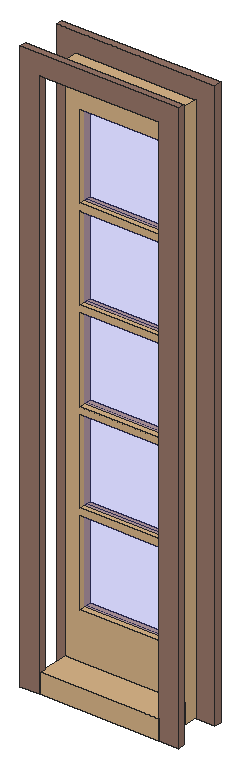
Revit family
Parameters (values of type "0457 x 2134mm")
  Door Material = Door - Panel
  Frame Material = Door - Frame
  Height = 2134.00 mm
  Muntin = 25.00 mm
  Rail Width - Base = 254.00 mm
  Rail Width - Top = 127.00 mm
  Stile Width = 51.00 mm
  Trim Projection Ext = 25.00 mm
  Trim Projection Int = 25.00 mm
  Trim Width = 76.00 mm
  Wall Closure = (empty or 0)
  Width = 457.00 mm
Types (6, lengths in mm): name | Height | Width
  0305 x 2032mm | 2032.00 | 305.00
  0355 x 2083mm | 2083.00 | 355.00
  0355 x 2134mm | 2134.00 | 355.00
  0406 x 2083mm | 2083.00 | 406.00
  0406 x 2134mm | 2134.00 | 406.00
  0457 x 2134mm | 2134.00 | 457.00
Reference planes
  plane 1: y = 0
  plane 2: z = 0
  plane 3: x = 254
  plane 4: x = 25.5
  plane 5: x = 482.5
  plane 6: z = 2134
  plane 7: x = 431.5
  plane 8: x = 76.5
  plane 9: z = 2007
  plane 10: z = 254
  plane 11: z = 1656.4
  plane 12: z = 1631.4
  plane 13: z = 1305.8
  plane 14: z = 1280.8
  plane 15: z = 930.2
  plane 16: z = 955.2
  plane 17: z = 604.6
  plane 18: z = 579.6
  plane 19: z = 1981.6
Forms (mm)
  Extrusion 1, solid, material "Door - Frame" <- "Frame Material"
    sketch origin (-3860.8, -76.2, 0) x (1, 0, 0) y (0, 0, 1)
      loop
        line (3886.3, 0) -> (3886.3, 2134) -> (4343.3, 2134) -> (4343.3, 0) -> (4419.3, 0) -> (4419.3, 2210) -> (3810.3, 2210) -> (3810.3, 0) -> (3886.3, 0)
    from 0 to 25
  Extrusion 2, solid, material "Door - Panel" <- "Door Material"
    sketch origin (-3860.8, 101.6, 0) x (-1, 0, 0) y (0, 0, 1)
      loop
        line (-4343.3, 2134) -> (-4343.3, 0) -> (-3886.3, 0) -> (-3886.3, 2134) -> (-4343.3, 2134)
      loop
        line (-4292.3, 1981.6) -> (-4292.3, 1656.4) -> (-3937.3, 1656.4) -> (-3937.3, 1981.6) -> (-4292.3, 1981.6)
      loop
        line (-4292.3, 1631.4) -> (-4292.3, 1305.8) -> (-3937.3, 1305.8) -> (-3937.3, 1631.4) -> (-4292.3, 1631.4)
      loop
        line (-4292.3, 1280.8) -> (-4292.3, 955.2) -> (-3937.3, 955.2) -> (-3937.3, 1280.8) -> (-4292.3, 1280.8)
      loop
        line (-4292.3, 930.2) -> (-4292.3, 604.6) -> (-3937.3, 604.6) -> (-3937.3, 930.2) -> (-4292.3, 930.2)
      loop
        line (-4292.3, 579.6) -> (-4292.3, 254) -> (-3937.3, 254) -> (-3937.3, 579.6) -> (-4292.3, 579.6)
    from -25.4 to -76.2
  Extrusion 3, solid, material "Glass"
    sketch origin (-3860.8, 76.2, 0) x (-1, 0, 0) y (0, 0, 1)
      loop
        line (-4292.3, 1981.6) -> (-4292.3, 1656.4) -> (-3937.3, 1656.4) -> (-3937.3, 1981.6) -> (-4292.3, 1981.6)
      loop
        line (-4292.3, 1631.4) -> (-4292.3, 1305.8) -> (-3937.3, 1305.8) -> (-3937.3, 1631.4) -> (-4292.3, 1631.4)
      loop
        line (-4292.3, 1280.8) -> (-4292.3, 955.2) -> (-3937.3, 955.2) -> (-3937.3, 1280.8) -> (-4292.3, 1280.8)
      loop
        line (-4292.3, 930.2) -> (-4292.3, 604.6) -> (-3937.3, 604.6) -> (-3937.3, 930.2) -> (-4292.3, 930.2)
      loop
        line (-4292.3, 579.6) -> (-4292.3, 254) -> (-3937.3, 254) -> (-3937.3, 579.6) -> (-4292.3, 579.6)
    from -19.05 to -31.75
  Extrusion 4, solid, material "Door - Panel" <- "Door Material"
    sketch origin (-3860.8, -101.2, 0) x (1, 0, 0) y (0, 0, 1)
      loop
        line (3886.3, 0) -> (4343.3, 0) -> (4343.3, 76.2) -> (3886.3, 76.2) -> (3886.3, 0)
    from 0 to -126.6
  Extrusion 5, solid, material "Door - Frame" <- "Frame Material"
    sketch origin (-1524, 76.2, 0) x (-1, 0, 0) y (0, 0, 1)
      loop
        line (-2006.5, 2134) -> (-2006.5, 76) -> (-1549.5, 76) -> (-1549.5, 2134) -> (-2006.5, 2134)
      loop
        line (-1473.5, 0) -> (-1473.5, 2210) -> (-2082.5, 2210) -> (-2082.5, 0) -> (-1473.5, 0)
    from 0 to 25
Lines and regions (mm)
  Opening 1
    outline origin (-3860.8, -76.2, 0) x (1, 0, 0) y (0, 0, 1)
      loop
        line (3886.3, 0) -> (4343.3, 0) -> (4343.3, 2134) -> (3886.3, 2134) -> (3886.3, 0)
  symbolic lines, style "WindowsFrameMullionProjection"
    curve 1: line (25.5, 76.2, 0) -> (25.5, 25.4, 0)
    curve 2: line (76.5, 25.4, 0) -> (76.5, 76.2, 0)
    curve 3: line (431.5, 76.2, 0) -> (431.5, 25.4, 0)
    curve 4: line (482.5, 25.4, 0) -> (482.5, 76.2, 0)
    curve 5: line (482.5, 25.4, 0) -> (25.5, 25.4, 0)
    curve 6: line (25.5, 76.2, 0) -> (482.5, 76.2, 0)
  symbolic lines, style "WindowsGlassProjection"
    curve 7: line (431.5, 57.15, 0) -> (76.5, 57.15, 0)
    curve 8: line (76.5, 44.45, 0) -> (431.5, 44.45, 0)
Text (mm)
  text "Exterior" at (-1189.754, 271.083, 0), in view "Floor Line"
  text "Exterior" at (0, 782.295, 2929.354), in view "Right"
  text "Exterior" at (0, 857.039, 2946.04), in view "Left"
Dimensions and locks
  equal spacing: plane 4, plane 3, plane 5
  "Width": plane 4 to plane 5
  "Height": plane 2 to plane 6
  "Trim Width": plane 4 to Extrusion 1 sketch curve
  "Trim Width": plane 5 to Extrusion 1 sketch curve
  "Trim Width": plane 6 to Extrusion 1 sketch curve
  equal spacing: plane 10, plane 17, plane 16, plane 13, plane 11, plane 9
  "Rail Width - Base": host wall to plane 10
  "Rail Width - Top": plane 9 to plane 6
  "Muntin": plane 12 to plane 11
  "Muntin": plane 14 to plane 13
  "Muntin": plane 15 to plane 16
  "Muntin": plane 18 to plane 17
  locked: plane 19 to plane 9 at 25.4
  "Stile Width": plane 7 to plane 5
  "Stile Width": plane 8 to plane 4
  "Trim Projection Int": Extrusion 1 to host wall
  locked: host wall to Extrusion 2
  "Trim Width": level to Extrusion 5 sketch curve
  "Trim Projection Ext": Extrusion 5 to host wall
  locked: Extrusion 2 to host wall at 50.8
  locked: host wall to Extrusion 4 at 50.8
  aligned and locked: plane 4 to Opening 1 sketch curve
  aligned and locked: plane 6 to Opening 1 sketch curve  (x2)
  aligned and locked: Opening 1 sketch curve to plane 5
  aligned and locked: Opening 1 sketch curve to level
  aligned and locked: plane 1 to host wall
  aligned and locked: plane 4 to Extrusion 1 sketch curve  (x2)
  aligned and locked: plane 2 to Extrusion 1 sketch curve  (x2)
  aligned and locked: plane 5 to Extrusion 1 sketch curve
  aligned and locked: plane 6 to Extrusion 1 sketch curve  (x2)
  aligned and locked: Extrusion 1 to host wall
  aligned and locked: Extrusion 2 sketch curve to Extrusion 1  (x2)
  aligned and locked: plane 7 to Extrusion 2 sketch curve  (x5)
  aligned and locked: plane 19 to Extrusion 2 sketch curve
  aligned and locked: plane 11 to Extrusion 2 sketch curve
  aligned and locked: plane 8 to Extrusion 2 sketch curve  (x5)
  aligned and locked: plane 12 to Extrusion 2 sketch curve
  aligned and locked: plane 13 to Extrusion 2 sketch curve
  aligned and locked: plane 14 to Extrusion 2 sketch curve
  aligned and locked: plane 16 to Extrusion 2 sketch curve
  aligned and locked: plane 15 to Extrusion 2 sketch curve
  aligned and locked: plane 17 to Extrusion 2 sketch curve
  aligned and locked: plane 18 to Extrusion 2 sketch curve
  aligned and locked: plane 10 to Extrusion 2 sketch curve
  aligned and locked: Extrusion 3 sketch curve to Extrusion 2  (x20)
  aligned and locked: Extrusion 5 sketch curve to Extrusion 2  (x2)
  aligned and locked: Extrusion 5 sketch curve to Extrusion 1  (x3)
  aligned and locked: Extrusion 5 sketch curve to control icon elem
  aligned and locked: Extrusion 1 to Extrusion 5 sketch curve
  aligned and locked: curve 6 to Extrusion 2
  aligned and locked: curve 5 to Extrusion 2
Automatic sketch dimensions
  Extrusion 1 sketch curve to level = 0.00 mm
  Extrusion 4 sketch curve to plane 4 = 0.00 mm
  Extrusion 4 sketch curve to plane 5 = 0.00 mm
  Extrusion 4 sketch curve to level = 0.00 mm
  level to Extrusion 4 sketch curve = 76.20 mm
  Extrusion 2 sketch curve to plane 5 = 0.00 mm
  Extrusion 2 sketch curve to plane 6 = 0.00 mm
  curve 1 to plane 4 = 0.00 mm
  curve 2 to plane 8 = 0.00 mm
  curve 3 to plane 7 = 0.00 mm
  curve 4 to plane 5 = 0.00 mm
  curve 3 to curve 8 = 19.05 mm
  curve 8 to curve 7 = 12.70 mm
